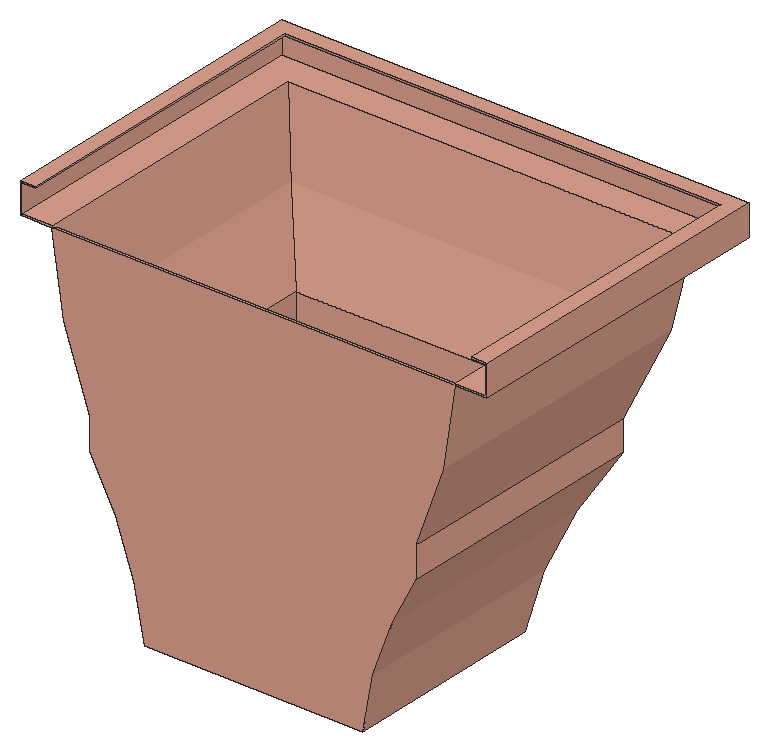
Revit family
Parameters (values of type "Continuous Spouting - Cavalier (Copper)")
  Ownership = "Continuous Spouting New Zealand Ltd"
  Top Depth = Base Depth + 80.0 mm  # 210.0 mm
  Top Width = Base Width + 160.0 mm  # 300.0 mm
  Downpipe Radius = 40.0 mm
  Downpipe Offset = Distance from Wall + 70.0 mm  # 90.0 mm
  Base Width = 140.0 mm
  URL = "http://www.productspec.net/products/8633/continuous-spouting-new-zealand-ltd/rainwater-heads-cavalier.aspx"
  Type Comments = "Rainwater Head"
  Rainwater Head = Copper
  Model = "Cavalier"
  Manufacturer = "Continuous Spouting New Zealand Ltd"
  Height = 240.0 mm  # constant formula
  Distance from Wall = 20.0 mm
  Base Depth = 130.0 mm
  Created By = "Productspec Ltd"
  Author = "Zinder Zhao"
Types (5, lengths in mm): name | Rainwater Head
  Continuous Spouting - Cavalier (Copper) | Copper
  Continuous Spouting - Cavalier (Aluminium) | Aluminium
  Continuous Spouting - Cavalier (Zinc) | Zinc
  Continuous Spouting - Cavalier (Unpainted Zincalume) | Unpainted Zincalume
  Continuous Spouting - Cavalier (Colorcote®) | Colorcote®
Reference planes
  plane 1: y = 0
  plane 2 "Center (Left/Right)": x = 120
  plane 3 "Back": y = 75
  plane 4 "Rainwater Head Back": y = 95
  plane 5: y = 225
  plane 6: y = 305
  plane 7: x = 50
  plane 8: x = 190
  plane 9: z = 240
  plane 10: y = 165
  plane 11: x = -30
  plane 12: x = 270
Forms (mm)
  Sweep 1, solid, material "Copper" <- "Rainwater Head"
    path origin (0, 0, 0) x (1, 0, 0) y (0, 1, 0)
      loop
        line (50, 95) -> (50, 225) -> (190, 225) -> (190, 95)
    profile origin (50, 160, 0) x (-1, 0, 0) y (0, 0, 1)
      loop
        line (35, 100) -> (35, 120)
        arc (35, 120) -> (52.185, 168.829) -> (60, 220) r 277.413
        line (60, 220) -> (80, 220) -> (80, 240) -> (70, 240) -> (70, 239) -> (79, 239) -> (79, 221) -> (59.055, 221)
        arc (59.055, 221) -> (51.303, 169.423) -> (34, 120.22) r 276.413
        line (34, 120.22) -> (34, 100.282)
        arc (34, 100.282) -> (11.128, 52.015) -> (-1.008, 0) r 250.871
        line (-1.008, 0) -> (0, 0)
        arc (0, 0) -> (12.139, 51.876) -> (35, 100) r 249.871
  Extrusion 2, solid, material "Copper" <- "Rainwater Head"
    sketch origin (0, 95, 0) x (-1, 0, 0) y (0, 0, 1)
      loop
        line (-190, 0) -> (-50, 0)
        arc (-50, 0) -> (-37.861, 51.876) -> (-15, 100) r 249.871
        line (-15, 100) -> (-15, 120)
        arc (-15, 120) -> (2.185, 168.829) -> (10, 220) r 277.413
        line (10, 220) -> (-250, 220)
        arc (-250, 220) -> (-242.185, 168.829) -> (-225, 120) r 277.413
        line (-225, 120) -> (-225, 100)
        arc (-225, 100) -> (-202.139, 51.876) -> (-190, 0) r 249.871
    from 0 to 2
  Extrusion 3, solid, material "Copper" <- "Rainwater Head"
    sketch origin (0, 0, 0) x (1, 0, 0) y (0, 1, 0)
      loop
        circle (120, 165) r 40
      loop
        line (188.992, 97) -> (188.992, 224) -> (51.008, 224) -> (51.008, 97) -> (188.992, 97)
    from 0 to 2
Cuts and joins
  joined: Sweep 1, Extrusion 2, Extrusion 3
Lines and regions (mm)
  symbolic lines, detail levels medium+fine
    curve 1: line (-30, 305, 0) -> (270, 305, 0)
    curve 2: line (-30, 95, 0) -> (-30, 305, 0)
    curve 3: line (270, 95, 0) -> (-30, 95, 0)
    curve 4: line (270, 305, 0) -> (270, 95, 0)
Text (mm)
  text "Placement side" at (-1787.139, 592.35, 0), in view "Ref. Level"
  text "Placement side" at (0, 1827.695, 2917.686), in view "Left"
  text "Placement side" at (0, 562.268, 3853.606), in view "Right"
Dimensions and locks
  locked: plane 3 "Back" to host wall at 0
  "Distance from Wall": plane 4 "Rainwater Head Back" to plane 3 "Back"
  "Base Depth": plane 5 to plane 4 "Rainwater Head Back"
  "Height": level to plane 9
  "Downpipe Offset": plane 10 to plane 3 "Back"
  "Base Width": plane 7 to plane 8
  equal spacing: plane 7, plane 2 "Center (Left/Right)", plane 8
  "Top Depth": plane 6 to plane 4 "Rainwater Head Back"
  equal spacing: plane 11, plane 2 "Center (Left/Right)", plane 12
  "Top Width": plane 11 to plane 12
  "Downpipe Radius": radius of Extrusion 3 sketch curve
  aligned and locked: host wall to plane 1
  aligned and locked: Sweep 1 sketch curve to plane 8
  aligned and locked: Sweep 1 sketch curve to plane 5
  aligned and locked: plane 7 to Sweep 1 sketch curve
  aligned and locked: curve 4 to cut or joined group of Sweep 1, Extrusion 2, Extrusion 3  (x2)
  aligned and locked: Extrusion 2 sketch curve to cut or joined group of Sweep 1, Extrusion 2, Extrusion 3  (x6)
  aligned and locked: cut or joined group of Sweep 1, Extrusion 2, Extrusion 3 to Extrusion 2 sketch curve
  aligned and locked: curve 1 to cut or joined group of Sweep 1, Extrusion 2, Extrusion 3
  aligned and locked: curve 2 to cut or joined group of Sweep 1, Extrusion 2, Extrusion 3
Automatic sketch dimensions
  Sweep 1 sketch curve to plane 4 "Rainwater Head Back" = 0.0 mm  (x2)
  Extrusion 3 sketch curve to plane 2 "Center (Left/Right)" = 0.0 mm
  Extrusion 3 sketch curve to plane 10 = 0.0 mm
  Sweep 1 sketch curve to Sweep 1 sketch curve = 0.0 mm  (x5)
  Sweep 1 sketch curve to profile plane = 0.0 mm
  Sweep 1 sketch curve to Sweep 1 sketch curve = 1.008 mm
  profile plane to Sweep 1 sketch curve = 216.945 mm
  Sweep 1 sketch curve to profile plane = 34.0 mm
  Sweep 1 sketch curve to Sweep 1 sketch curve = 1.0 mm  (x3)
  Sweep 1 sketch curve to profile plane = 59.055 mm
  Sweep 1 sketch curve to Sweep 1 sketch curve = 0.945 mm
  Sweep 1 sketch curve to Sweep 1 sketch curve = 10.945 mm
  Sweep 1 sketch curve to Sweep 1 sketch curve = 9.0 mm
  Sweep 1 sketch curve to level = 30.669 mm
  Sweep 1 sketch curve to profile plane = 247.982 mm
  Sweep 1 sketch curve to Sweep 1 sketch curve = 19.718 mm
  Sweep 1 sketch curve to Sweep 1 sketch curve = 0.22 mm
  Sweep 1 sketch curve to Sweep 1 sketch curve = 100.0 mm
  Sweep 1 sketch curve to Sweep 1 sketch curve = 18.0 mm
  Sweep 1 sketch curve to level = 0.0 mm
  Extrusion 2 sketch curve to level = 0.0 mm
  Extrusion 3 sketch curve to plane 5 = 1.0 mm
  plane 7 to Extrusion 3 sketch curve = 1.008 mm
  Extrusion 3 sketch curve to plane 8 = 1.008 mm
  plane 4 "Rainwater Head Back" to Extrusion 3 sketch curve = 2.0 mm
Connectors
  piping at (120, 165, 0), driven by "Downpipe Radius"
    settings: on cut or joined group of Sweep 1, Extrusion 2, Extrusion 3, index 1
